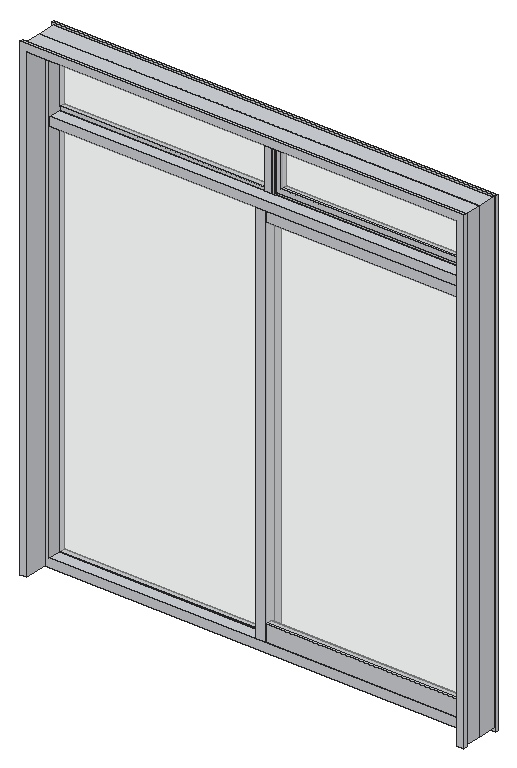
Revit family "APL Residential Thermal Heart Sliding Door SF with Overlight", category Doors, host Wall, Revit 2017 (continued)
Definition of nested family "APL Residential Thermal Heart Sliding Door SF Horizontal Section"
  Definition of nested family "Jamb Stile"
    Definition of nested family "65400_Frame Head"
      Lines and regions (mm)
        detail lines, in view "Ref. Level"
          curve 203: arc (74.145, -11.1, 0) -> (74.718, -11.281, 0) -> (75.084, -11.758, 0) r 1
          curve 204: arc (75.877, -13.937, 0) -> (76.024, -14.128, 0) -> (76.253, -14.2, 0) r 0.4
          curve 205: arc (78.947, -14.2, 0) -> (79.176, -14.128, 0) -> (79.323, -13.937, 0) r 0.4
          curve 206: arc (80.116, -11.758, 0) -> (80.482, -11.281, 0) -> (81.055, -11.1, 0) r 1
          curve 207: arc (81.978, -11.1, 0) -> (82.289, -11.059, 0) -> (82.579, -10.939, 0) r 1.2
          curve 208: arc (84.107, -10.054, 0) -> (84.204, -10.014, 0) -> (84.307, -10, 0) r 0.4
          curve 209: arc (84.6, -10, 0) -> (84.883, -10.117, 0) -> (85, -10.4, 0) r 0.4
          curve 210: arc (85, -13.8, 0) -> (84.883, -14.083, 0) -> (84.6, -14.2, 0) r 0.4
          curve 211: arc (84.307, -14.2, 0) -> (84.204, -14.186, 0) -> (84.107, -14.146, 0) r 0.4
          curve 212: arc (82.579, -13.262, 0) -> (82.285, -13.14, 0) -> (81.97, -13.1, 0) r 1.2
          curve 213: arc (81.97, -13.1, 0) -> (81.795, -13.153, 0) -> (81.684, -13.297, 0) r 0.3
          curve 214: arc (80.796, -15.737, 0) -> (80.649, -15.928, 0) -> (80.42, -16, 0) r 0.4
          curve 215: arc (74.78, -16, 0) -> (74.551, -15.928, 0) -> (74.404, -15.737, 0) r 0.4
          curve 216: arc (73.516, -13.297, 0) -> (73.405, -13.153, 0) -> (73.23, -13.1, 0) r 0.3
          curve 217: arc (73.23, -13.1, 0) -> (72.915, -13.14, 0) -> (72.621, -13.262, 0) r 1.2
          curve 218: arc (71.093, -14.146, 0) -> (70.996, -14.186, 0) -> (70.893, -14.2, 0) r 0.4
          curve 219: arc (70.6, -14.2, 0) -> (70.317, -14.083, 0) -> (70.2, -13.8, 0) r 0.4
          curve 220: line (70.6, -10, 0) -> (70.893, -10, 0)
          curve 221: line (71.093, -10.054, 0) -> (72.621, -10.939, 0)
          curve 222: line (73.222, -11.1, 0) -> (74.145, -11.1, 0)
          curve 223: line (75.084, -11.758, 0) -> (75.877, -13.937, 0)
          curve 224: line (76.253, -14.2, 0) -> (78.947, -14.2, 0)
          curve 225: line (79.323, -13.937, 0) -> (80.116, -11.758, 0)
          curve 226: line (81.055, -11.1, 0) -> (81.978, -11.1, 0)
          curve 227: line (82.579, -10.939, 0) -> (84.107, -10.054, 0)
          curve 228: line (84.307, -10, 0) -> (84.6, -10, 0)
          curve 229: line (85, -10.4, 0) -> (85, -13.8, 0)
          curve 230: line (84.6, -14.2, 0) -> (84.307, -14.2, 0)
          curve 231: line (84.107, -14.146, 0) -> (82.579, -13.262, 0)
          curve 232: line (81.684, -13.297, 0) -> (80.796, -15.737, 0)
          curve 233: line (80.42, -16, 0) -> (74.78, -16, 0)
          curve 234: line (74.404, -15.737, 0) -> (73.516, -13.297, 0)
          curve 235: line (72.621, -13.262, 0) -> (71.093, -14.146, 0)
          curve 236: line (70.893, -14.2, 0) -> (70.6, -14.2, 0)
          curve 237: line (70.2, -13.8, 0) -> (70.2, -10.4, 0)
          curve 238: arc (70.2, -5.6, 0) -> (70.317, -5.883, 0) -> (70.6, -6, 0) r 0.4
          curve 239: arc (70.893, -6, 0) -> (70.996, -5.986, 0) -> (71.093, -5.946, 0) r 0.4
          curve 240: arc (72.621, -5.061, 0) -> (72.911, -4.941, 0) -> (73.222, -4.9, 0) r 1.2
          curve 241: arc (74.145, -4.9, 0) -> (74.718, -4.719, 0) -> (75.084, -4.242, 0) r 1
          curve 242: arc (75.877, -2.063, 0) -> (76.024, -1.872, 0) -> (76.253, -1.8, 0) r 0.4
          curve 243: arc (78.947, -1.8, 0) -> (79.176, -1.872, 0) -> (79.323, -2.063, 0) r 0.4
          curve 244: arc (80.116, -4.242, 0) -> (80.482, -4.719, 0) -> (81.055, -4.9, 0) r 1
          curve 245: arc (81.978, -4.9, 0) -> (82.289, -4.941, 0) -> (82.579, -5.061, 0) r 1.2
          curve 246: arc (84.107, -5.946, 0) -> (84.204, -5.986, 0) -> (84.307, -6, 0) r 0.4
          curve 247: arc (84.6, -6, 0) -> (84.883, -5.883, 0) -> (85, -5.6, 0) r 0.4
          curve 248: arc (85, -2.2, 0) -> (84.883, -1.917, 0) -> (84.6, -1.8, 0) r 0.4
          curve 249: arc (84.307, -1.8, 0) -> (84.204, -1.814, 0) -> (84.107, -1.854, 0) r 0.4
          curve 250: arc (82.579, -2.739, 0) -> (82.285, -2.86, 0) -> (81.97, -2.9, 0) r 1.2
          curve 251: arc (81.97, -2.9, 0) -> (81.795, -2.847, 0) -> (81.684, -2.703, 0) r 0.3
          curve 252: arc (80.796, -0.263, 0) -> (80.649, -0.072, 0) -> (80.42, 0, 0) r 0.4
          curve 253: arc (74.78, 0, 0) -> (74.551, -0.072, 0) -> (74.404, -0.263, 0) r 0.4
          curve 254: arc (73.516, -2.703, 0) -> (73.405, -2.847, 0) -> (73.23, -2.9, 0) r 0.3
          curve 255: arc (73.23, -2.9, 0) -> (72.915, -2.86, 0) -> (72.621, -2.739, 0) r 1.2
          curve 256: arc (71.093, -1.854, 0) -> (70.996, -1.814, 0) -> (70.893, -1.8, 0) r 0.4
          curve 257: arc (70.6, -1.8, 0) -> (70.317, -1.917, 0) -> (70.2, -2.2, 0) r 0.4
          curve 258: line (70.6, -6, 0) -> (70.893, -6, 0)
          curve 259: line (71.093, -5.946, 0) -> (72.621, -5.061, 0)
          curve 260: line (73.222, -4.9, 0) -> (74.145, -4.9, 0)
          curve 261: line (75.084, -4.242, 0) -> (75.877, -2.063, 0)
          curve 262: line (76.253, -1.8, 0) -> (78.947, -1.8, 0)
          curve 263: line (79.323, -2.063, 0) -> (80.116, -4.242, 0)
          curve 264: line (81.055, -4.9, 0) -> (81.978, -4.9, 0)
          curve 265: line (82.579, -5.061, 0) -> (84.107, -5.946, 0)
          curve 266: line (84.307, -6, 0) -> (84.6, -6, 0)
          curve 267: line (85, -5.6, 0) -> (85, -2.2, 0)
          curve 268: line (84.6, -1.8, 0) -> (84.307, -1.8, 0)
          curve 269: line (84.107, -1.854, 0) -> (82.579, -2.739, 0)
          curve 270: line (81.684, -2.703, 0) -> (80.796, -0.263, 0)
          curve 271: line (80.42, 0, 0) -> (74.78, 0, 0)
          curve 272: line (74.404, -0.263, 0) -> (73.516, -2.703, 0)
          curve 273: line (72.621, -2.739, 0) -> (71.093, -1.854, 0)
          curve 274: line (70.893, -1.8, 0) -> (70.6, -1.8, 0)
          curve 275: line (70.2, -2.2, 0) -> (70.2, -5.6, 0)
          curve 276: arc (113.4, -35.877, 0) -> (113.327, -35.95, 0) -> (113.3, -36.05, 0) r 0.2
          curve 277: arc (113.3, -40.25, 0) -> (113.327, -40.35, 0) -> (113.4, -40.423, 0) r 0.2
          curve 278: arc (113.4, -40.423, 0) -> (113.473, -40.496, 0) -> (113.5, -40.596, 0) r 0.2
          curve 279: arc (113.5, -41.8, 0) -> (113.441, -41.941, 0) -> (113.3, -42, 0) r 0.2
          curve 280: arc (111.701, -42, 0) -> (111.559, -41.942, 0) -> (111.5, -41.8, 0) r 0.2
          curve 281: arc (111.5, -40.95, 0) -> (111, -40.451, 0) -> (110.5, -40.95, 0) r 0.5
          curve 282: arc (110.5, -42.5, 0) -> (110.646, -42.854, 0) -> (111, -43, 0) r 0.499
          curve 283: arc (114.5, -43, 0) -> (114.847, -42.847, 0) -> (115, -42.5, 0) r 0.523
          curve 284: arc (115, -21.5, 0) -> (114.856, -21.144, 0) -> (114.5, -21, 0) r 0.493
          curve 285: arc (111.7, -21, 0) -> (111.558, -20.942, 0) -> (111.5, -20.8, 0) r 0.199
          curve 286: arc (111.5, -13.199, 0) -> (110.852, -11.559, 0) -> (109.258, -10.805, 0) r 2.399
          curve 287: arc (109.258, -10.805, 0) -> (108.878, -10.588, 0) -> (108.814, -10.156, 0) r 0.5
          curve 288: arc (108.814, -10.156, 0) -> (109, -8.953, 0) -> (108.816, -7.75, 0) r 4
          curve 289: arc (108.816, -7.75, 0) -> (108.89, -7.304, 0) -> (109.293, -7.1, 0) r 0.5
          curve 290: arc (109.5, -7.1, 0) -> (110.914, -6.514, 0) -> (111.5, -5.1, 0) r 2.001
          curve 291: arc (120.75, -1.5, 0) -> (121.501, -0.747, 0) -> (120.745, 0, 0) r 0.75
          curve 292: arc (111.5, 0, 0) -> (110.439, -0.439, 0) -> (110, -1.5, 0) r 1.5
          curve 293: arc (110, -5, 0) -> (109.941, -5.141, 0) -> (109.8, -5.2, 0) r 0.2
          curve 294: arc (100.5, -5.2, 0) -> (100.146, -5.346, 0) -> (100, -5.7, 0) r 0.5
          curve 295: arc (100, -6.2, 0) -> (100.146, -6.554, 0) -> (100.5, -6.7, 0) r 0.5
          curve 296: arc (101.927, -6.7, 0) -> (102.266, -6.833, 0) -> (102.426, -7.16, 0) r 0.5
          curve 297: arc (102.426, -7.16, 0) -> (102.912, -7.803, 0) -> (103.7, -7.634, 0) r 0.75
          curve 298: arc (103.7, -7.634, 0) -> (105, -7.1, 0) -> (106.3, -7.634, 0) r 1.85
          curve 299: arc (106.3, -7.634, 0) -> (106.442, -7.744, 0) -> (106.607, -7.817, 0) r 0.75
          curve 300: arc (106.607, -7.817, 0) -> (106.791, -7.92, 0) -> (106.916, -8.09, 0) r 0.5
          curve 301: arc (106.916, -8.09, 0) -> (107.1, -8.95, 0) -> (106.916, -9.81, 0) r 2.1
          curve 302: arc (106.916, -9.81, 0) -> (106.791, -9.98, 0) -> (106.607, -10.083, 0) r 0.5
          curve 303: arc (106.607, -10.083, 0) -> (106.442, -10.156, 0) -> (106.3, -10.266, 0) r 0.75
          curve 304: arc (106.3, -10.266, 0) -> (105, -10.8, 0) -> (103.7, -10.266, 0) r 1.85
          curve 305: arc (103.7, -10.266, 0) -> (103.027, -10.064, 0) -> (102.482, -10.509, 0) r 0.75
          curve 306: arc (102.482, -10.509, 0) -> (102.32, -10.716, 0) -> (102.075, -10.812, 0) r 0.5
          curve 307: arc (102.075, -10.812, 0) -> (101.154, -11.14, 0) -> (100.481, -11.85, 0) r 2.1
          curve 308: arc (100.481, -11.85, 0) -> (100.298, -12.033, 0) -> (100.048, -12.1, 0) r 0.5
          curve 309: arc (91.556, -12.1, 0) -> (91.287, -12.022, 0) -> (91.103, -11.812, 0) r 0.5
          curve 310: arc (91.103, -11.812, 0) -> (90.328, -10.929, 0) -> (89.2, -10.6, 0) r 2.1
          curve 311: arc (87.9, -10.6, 0) -> (87.193, -10.307, 0) -> (86.9, -9.6, 0) r 1
          curve 312: arc (86.9, -0.5, 0) -> (86.754, -0.146, 0) -> (86.4, 0, 0) r 0.5
          curve 313: arc (84.083, 0, 0) -> (83.778, -0.199, 0) -> (83.505, 0.043, 0) r 0.3
          curve 314: arc (83.505, 0.043, 0) -> (83.439, 0.181, 0) -> (83.313, 0.268, 0) r 0.3
          curve 315: arc (81.903, 0.782, 0) -> (81.617, 0.738, 0) -> (81.501, 0.474, 0) r 0.3
          curve 316: arc (81.708, -1.892, 0) -> (81.735, -1.992, 0) -> (81.795, -2.078, 0) r 0.3
          curve 317: arc (82.159, -2.441, 0) -> (82.352, -2.493, 0) -> (82.493, -2.352, 0) r 0.2
          curve 318: arc (82.538, -2.184, 0) -> (82.59, -2.095, 0) -> (82.679, -2.043, 0) r 0.2
          curve 319: arc (84.822, -1.51, 0) -> (85.164, -1.657, 0) -> (85.1, -2.024, 0) r 0.3
          curve 320: arc (85.1, -2.024, 0) -> (85.026, -2.125, 0) -> (85, -2.247, 0) r 0.3
          curve 321: arc (85.194, -6.25, 0) -> (85.158, -6.422, 0) -> (85, -6.5, 0) r 0.2
          curve 322: arc (84.479, -6.5, 0) -> (84.398, -6.489, 0) -> (84.323, -6.456, 0) r 0.3
          curve 323: arc (83.069, -5.691, 0) -> (83.063, -5.498, 0) -> (82.92, -5.367, 0) r 0.25
          curve 324: arc (82.92, -5.367, 0) -> (82.65, -5.321, 0) -> (82.5, -5.55, 0) r 0.25
          curve 325: arc (82.5, -7.126, 0) -> (82.582, -7.523, 0) -> (82.815, -7.854, 0) r 1
          curve 326: arc (82.815, -7.854, 0) -> (82.878, -8, 0) -> (82.815, -8.146, 0) r 0.2
          curve 327: arc (82.815, -8.146, 0) -> (82.582, -8.477, 0) -> (82.5, -8.874, 0) r 1
          curve 328: arc (82.5, -10.45, 0) -> (82.628, -10.668, 0) -> (82.88, -10.663, 0) r 0.25
          curve 329: arc (82.966, -10.611, 0) -> (83.072, -10.479, 0) -> (83.069, -10.309, 0) r 0.25
          curve 330: arc (84.323, -9.544, 0) -> (84.398, -9.511, 0) -> (84.479, -9.5, 0) r 0.3
          curve 331: arc (85, -9.5, 0) -> (85.158, -9.577, 0) -> (85.194, -9.75, 0) r 0.2
          curve 332: arc (85, -13.753, 0) -> (85.026, -13.875, 0) -> (85.1, -13.976, 0) r 0.3
          curve 333: arc (85.1, -13.976, 0) -> (85.164, -14.343, 0) -> (84.822, -14.49, 0) r 0.3
          curve 334: arc (82.679, -13.957, 0) -> (82.59, -13.905, 0) -> (82.538, -13.816, 0) r 0.2
          curve 335: arc (82.493, -13.648, 0) -> (82.352, -13.507, 0) -> (82.159, -13.559, 0) r 0.2
          curve 336: arc (81.795, -13.922, 0) -> (81.735, -14.008, 0) -> (81.708, -14.108, 0) r 0.3
          curve 337: arc (81.501, -16.474, 0) -> (81.617, -16.738, 0) -> (81.903, -16.782, 0) r 0.3
          curve 338: arc (83.313, -16.268, 0) -> (83.439, -16.181, 0) -> (83.505, -16.043, 0) r 0.3
          curve 339: arc (83.505, -16.043, 0) -> (83.778, -15.801, 0) -> (84.083, -16, 0) r 0.3
          curve 340: arc (86.7, -16, 0) -> (86.841, -15.941, 0) -> (86.9, -15.8, 0) r 0.2
          curve 341: arc (86.9, -12.7, 0) -> (86.959, -12.559, 0) -> (87.1, -12.5, 0) r 0.2
          curve 342: arc (89.2, -12.5, 0) -> (89.341, -12.559, 0) -> (89.4, -12.7, 0) r 0.2
          curve 343: arc (89.4, -13.8, 0) -> (89.459, -13.941, 0) -> (89.6, -14, 0) r 0.2
          curve 344: arc (101.9, -14, 0) -> (102.042, -13.941, 0) -> (102.1, -13.8, 0) r 0.2
          curve 345: arc (102.1, -12.9, 0) -> (102.159, -12.759, 0) -> (102.3, -12.7, 0) r 0.2
          curve 346: arc (109.1, -12.7, 0) -> (109.454, -12.846, 0) -> (109.6, -13.2, 0) r 0.5
          curve 347: arc (109.6, -14.5, 0) -> (109.541, -14.641, 0) -> (109.4, -14.7, 0) r 0.2
          curve 348: arc (107.3, -14.7, 0) -> (107.159, -14.759, 0) -> (107.1, -14.9, 0) r 0.2
          curve 349: arc (107.1, -15.8, 0) -> (107.159, -15.941, 0) -> (107.3, -16, 0) r 0.2
          curve 350: arc (109.5, -16, 0) -> (109.854, -16.146, 0) -> (110, -16.5, 0) r 0.5
          curve 351: arc (110, -22.8, 0) -> (110.146, -23.154, 0) -> (110.5, -23.3, 0) r 0.5
          curve 352: arc (111.3, -23.3, 0) -> (111.441, -23.241, 0) -> (111.5, -23.1, 0) r 0.2
          curve 353: arc (113.3, -22.3, 0) -> (113.441, -22.359, 0) -> (113.5, -22.5, 0) r 0.2
          curve 354: arc (113.5, -27.4, 0) -> (113.1, -27.8, 0) -> (113.5, -28.2, 0) r 0.4
          curve 355: arc (113.5, -33.1, 0) -> (113.441, -33.241, 0) -> (113.3, -33.3, 0) r 0.2
          curve 356: arc (111.5, -32.7, 0) -> (111.383, -32.417, 0) -> (111.1, -32.3, 0) r 0.4
          curve 357: arc (111, -32.3, 0) -> (110.646, -32.447, 0) -> (110.5, -32.8, 0) r 0.5
          curve 358: arc (110.5, -35.35, 0) -> (111, -35.85, 0) -> (111.5, -35.35, 0) r 0.5
          curve 359: arc (111.5, -34.5, 0) -> (111.559, -34.359, 0) -> (111.7, -34.3, 0) r 0.2
          curve 360: arc (113.3, -34.3, 0) -> (113.441, -34.359, 0) -> (113.5, -34.5, 0) r 0.2
          curve 361: line (113.3, -36.05, 0) -> (113.3, -40.25, 0)
          curve 362: line (113.5, -40.596, 0) -> (113.5, -41.8, 0)
          curve 363: line (113.3, -42, 0) -> (111.701, -42, 0)
          curve 364: line (111.5, -41.8, 0) -> (111.5, -40.95, 0)
          curve 365: line (110.5, -40.95, 0) -> (110.5, -42.5, 0)
          curve 366: line (111, -43, 0) -> (114.5, -43, 0)
          curve 367: line (115, -42.5, 0) -> (115, -21.5, 0)
          curve 368: line (114.5, -21, 0) -> (111.7, -21, 0)
          curve 369: line (111.5, -20.8, 0) -> (111.5, -13.199, 0)
          curve 370: line (109.293, -7.1, 0) -> (109.5, -7.1, 0)
          curve 371: line (111.5, -5.1, 0) -> (111.5, -1.5, 0)
          curve 372: line (111.5, -1.5, 0) -> (120.75, -1.5, 0)
          curve 373: line (120.745, 0, 0) -> (119, 0, 0)
          curve 374: line (119, 0, 0) -> (118.6, -0.4, 0)
          curve 375: line (118.6, -0.4, 0) -> (112.3, -0.4, 0)
          curve 376: line (112.3, -0.4, 0) -> (111.9, 0, 0)
          curve 377: line (111.9, 0, 0) -> (111.5, 0, 0)
          curve 378: line (110, -1.5, 0) -> (110, -5, 0)
          curve 379: line (109.8, -5.2, 0) -> (100.5, -5.2, 0)
          curve 380: line (100, -5.7, 0) -> (100, -6.2, 0)
          curve 381: line (100.5, -6.7, 0) -> (101.927, -6.7, 0)
          curve 382: line (100.048, -12.1, 0) -> (91.556, -12.1, 0)
          curve 383: line (89.2, -10.6, 0) -> (87.9, -10.6, 0)
          curve 384: line (86.9, -9.6, 0) -> (86.9, -0.5, 0)
          curve 385: line (86.4, 0, 0) -> (84.083, 0, 0)
          curve 386: line (83.313, 0.268, 0) -> (81.903, 0.782, 0)
          curve 387: line (81.501, 0.474, 0) -> (81.708, -1.892, 0)
          curve 388: line (81.795, -2.078, 0) -> (82.159, -2.441, 0)
          curve 389: line (82.493, -2.352, 0) -> (82.538, -2.184, 0)
          curve 390: line (82.679, -2.043, 0) -> (84.812, -1.472, 0)
          curve 391: line (85, -2.247, 0) -> (85, -5.475, 0)
          curve 392: line (85, -5.5, 0) -> (85.194, -6.25, 0)
          curve 393: line (85, -6.5, 0) -> (84.479, -6.5, 0)
          curve 394: line (84.323, -6.456, 0) -> (83.069, -5.691, 0)
          curve 395: line (82.5, -5.55, 0) -> (82.5, -7.126, 0)
          curve 396: line (82.5, -8.874, 0) -> (82.5, -10.45, 0)
          curve 397: line (83.069, -10.309, 0) -> (84.323, -9.544, 0)
          curve 398: line (84.479, -9.5, 0) -> (85, -9.5, 0)
          curve 399: line (85.194, -9.75, 0) -> (85, -10.5, 0)
          curve 400: line (85, -10.525, 0) -> (85, -13.752, 0)
          curve 401: line (84.812, -14.528, 0) -> (82.679, -13.957, 0)
          curve 402: line (82.538, -13.816, 0) -> (82.493, -13.648, 0)
          curve 403: line (82.159, -13.559, 0) -> (81.795, -13.922, 0)
          curve 404: line (81.708, -14.108, 0) -> (81.501, -16.474, 0)
          curve 405: line (81.903, -16.782, 0) -> (83.313, -16.268, 0)
          curve 406: line (84.083, -16, 0) -> (86.7, -16, 0)
          curve 407: line (86.9, -15.8, 0) -> (86.9, -12.7, 0)
          curve 408: line (87.1, -12.5, 0) -> (89.2, -12.5, 0)
          curve 409: line (89.4, -12.7, 0) -> (89.4, -13.8, 0)
          curve 410: line (89.6, -14, 0) -> (95.4, -14, 0)
          curve 411: line (95.4, -14, 0) -> (95.8, -13.6, 0)
          curve 412: line (95.8, -13.6, 0) -> (96.2, -14, 0)
          curve 413: line (96.2, -14, 0) -> (101.9, -14, 0)
          curve 414: line (102.1, -13.8, 0) -> (102.1, -12.9, 0)
          curve 415: line (102.3, -12.7, 0) -> (109.1, -12.7, 0)
          curve 416: line (109.6, -13.2, 0) -> (109.6, -14.5, 0)
          curve 417: line (109.4, -14.7, 0) -> (107.3, -14.7, 0)
          curve 418: line (107.1, -14.9, 0) -> (107.1, -15.8, 0)
          curve 419: line (107.3, -16, 0) -> (109.5, -16, 0)
          curve 420: line (110, -16.5, 0) -> (110, -22.8, 0)
          curve 421: line (110.5, -23.3, 0) -> (111.3, -23.3, 0)
          curve 422: line (111.5, -23.1, 0) -> (111.5, -22.3, 0)
          curve 423: line (111.5, -22.3, 0) -> (113.3, -22.3, 0)
          curve 424: line (113.5, -22.5, 0) -> (113.5, -27.4, 0)
          curve 425: line (113.5, -28.2, 0) -> (113.5, -33.1, 0)
          curve 426: line (113.3, -33.3, 0) -> (111.5, -33.3, 0)
          curve 427: line (111.5, -33.3, 0) -> (111.5, -32.7, 0)
          curve 428: line (110.5, -32.8, 0) -> (110.5, -35.35, 0)
          curve 429: line (111.5, -35.35, 0) -> (111.5, -34.5, 0)
          curve 430: line (111.7, -34.3, 0) -> (113.3, -34.3, 0)
          curve 431: line (113.5, -34.5, 0) -> (113.5, -35.704, 0)
          curve 432: arc (113.5, -35.704, 0) -> (113.473, -35.804, 0) -> (113.4, -35.877, 0) r 0.2
          curve 433: arc (12.7, -18.4, 0) -> (12.817, -18.117, 0) -> (13.1, -18, 0) r 0.4
          curve 434: arc (13.393, -18, 0) -> (13.496, -18.014, 0) -> (13.593, -18.054, 0) r 0.4
          curve 435: arc (15.121, -18.939, 0) -> (15.411, -19.059, 0) -> (15.722, -19.1, 0) r 1.2
          curve 436: arc (16.645, -19.1, 0) -> (17.218, -19.281, 0) -> (17.584, -19.758, 0) r 1
          curve 437: arc (18.377, -21.937, 0) -> (18.524, -22.128, 0) -> (18.753, -22.2, 0) r 0.4
          curve 438: arc (21.447, -22.2, 0) -> (21.676, -22.128, 0) -> (21.823, -21.937, 0) r 0.4
          curve 439: arc (22.616, -19.758, 0) -> (22.982, -19.281, 0) -> (23.555, -19.1, 0) r 1
          curve 440: arc (24.478, -19.1, 0) -> (24.789, -19.059, 0) -> (25.079, -18.939, 0) r 1.2
          curve 441: arc (26.607, -18.054, 0) -> (26.704, -18.014, 0) -> (26.807, -18, 0) r 0.4
          curve 442: arc (27.1, -18, 0) -> (27.383, -18.117, 0) -> (27.5, -18.4, 0) r 0.4
          curve 443: arc (27.5, -21.8, 0) -> (27.383, -22.083, 0) -> (27.1, -22.2, 0) r 0.4
          curve 444: arc (26.807, -22.2, 0) -> (26.704, -22.186, 0) -> (26.607, -22.146, 0) r 0.4
          curve 445: arc (25.079, -21.261, 0) -> (24.785, -21.14, 0) -> (24.47, -21.1, 0) r 1.2
          curve 446: arc (24.47, -21.1, 0) -> (24.295, -21.153, 0) -> (24.184, -21.297, 0) r 0.3
          curve 447: arc (23.296, -23.737, 0) -> (23.149, -23.928, 0) -> (22.92, -24, 0) r 0.4
          curve 448: arc (17.28, -24, 0) -> (17.051, -23.928, 0) -> (16.904, -23.737, 0) r 0.4
          curve 449: arc (16.016, -21.297, 0) -> (15.905, -21.153, 0) -> (15.73, -21.1, 0) r 0.3
          curve 450: arc (15.73, -21.1, 0) -> (15.415, -21.14, 0) -> (15.121, -21.261, 0) r 1.2
          curve 451: arc (13.593, -22.146, 0) -> (13.496, -22.186, 0) -> (13.393, -22.2, 0) r 0.4
          curve 452: arc (13.1, -22.2, 0) -> (12.817, -22.083, 0) -> (12.7, -21.8, 0) r 0.4
          curve 453: line (13.1, -18, 0) -> (13.393, -18, 0)
          curve 454: line (13.593, -18.054, 0) -> (15.121, -18.939, 0)
          curve 455: line (15.722, -19.1, 0) -> (16.645, -19.1, 0)
          curve 456: line (17.584, -19.758, 0) -> (18.377, -21.937, 0)
          curve 457: line (18.753, -22.2, 0) -> (21.447, -22.2, 0)
          curve 458: line (21.823, -21.937, 0) -> (22.616, -19.758, 0)
          curve 459: line (23.555, -19.1, 0) -> (24.478, -19.1, 0)
          curve 460: line (25.079, -18.939, 0) -> (26.607, -18.054, 0)
          curve 461: line (26.807, -18, 0) -> (27.1, -18, 0)
          curve 462: line (27.5, -18.4, 0) -> (27.5, -21.8, 0)
          curve 463: line (27.1, -22.2, 0) -> (26.807, -22.2, 0)
          curve 464: line (26.607, -22.146, 0) -> (25.079, -21.261, 0)
          curve 465: line (24.184, -21.297, 0) -> (23.296, -23.737, 0)
          curve 466: line (22.92, -24, 0) -> (17.28, -24, 0)
          curve 467: line (16.904, -23.737, 0) -> (16.016, -21.297, 0)
          curve 468: line (15.121, -21.261, 0) -> (13.593, -22.146, 0)
          curve 469: line (13.393, -22.2, 0) -> (13.1, -22.2, 0)
          curve 470: line (12.7, -21.8, 0) -> (12.7, -18.4, 0)
          curve 471: arc (12.7, -2.2, 0) -> (12.817, -1.917, 0) -> (13.1, -1.8, 0) r 0.4
          curve 472: arc (13.393, -1.8, 0) -> (13.496, -1.814, 0) -> (13.593, -1.854, 0) r 0.4
          curve 473: arc (15.121, -2.739, 0) -> (15.411, -2.859, 0) -> (15.722, -2.9, 0) r 1.2
          curve 474: arc (16.645, -2.9, 0) -> (17.218, -3.081, 0) -> (17.584, -3.558, 0) r 1
          curve 475: arc (18.377, -5.737, 0) -> (18.524, -5.928, 0) -> (18.753, -6, 0) r 0.4
          curve 476: arc (21.447, -6, 0) -> (21.676, -5.928, 0) -> (21.823, -5.737, 0) r 0.4
          curve 477: arc (22.616, -3.558, 0) -> (22.982, -3.081, 0) -> (23.555, -2.9, 0) r 1
          curve 478: arc (24.478, -2.9, 0) -> (24.789, -2.859, 0) -> (25.079, -2.739, 0) r 1.2
          curve 479: arc (26.607, -1.854, 0) -> (26.704, -1.814, 0) -> (26.807, -1.8, 0) r 0.4
          curve 480: arc (27.1, -1.8, 0) -> (27.383, -1.917, 0) -> (27.5, -2.2, 0) r 0.4
          curve 481: arc (27.5, -5.6, 0) -> (27.383, -5.883, 0) -> (27.1, -6, 0) r 0.4
          curve 482: arc (26.807, -6, 0) -> (26.704, -5.986, 0) -> (26.607, -5.946, 0) r 0.4
          curve 483: arc (25.079, -5.061, 0) -> (24.785, -4.94, 0) -> (24.47, -4.9, 0) r 1.2
          curve 484: arc (24.47, -4.9, 0) -> (24.295, -4.953, 0) -> (24.184, -5.097, 0) r 0.3
          curve 485: arc (23.296, -7.537, 0) -> (23.149, -7.728, 0) -> (22.92, -7.8, 0) r 0.4
          curve 486: arc (17.28, -7.8, 0) -> (17.051, -7.728, 0) -> (16.904, -7.537, 0) r 0.4
          curve 487: arc (16.016, -5.097, 0) -> (15.905, -4.953, 0) -> (15.73, -4.9, 0) r 0.3
          curve 488: arc (15.73, -4.9, 0) -> (15.415, -4.94, 0) -> (15.121, -5.061, 0) r 1.2
          curve 489: arc (13.593, -5.946, 0) -> (13.496, -5.986, 0) -> (13.393, -6, 0) r 0.4
          curve 490: arc (13.1, -6, 0) -> (12.817, -5.883, 0) -> (12.7, -5.6, 0) r 0.4
          curve 491: line (13.1, -1.8, 0) -> (13.393, -1.8, 0)
          curve 492: line (13.593, -1.854, 0) -> (15.121, -2.739, 0)
          curve 493: line (15.722, -2.9, 0) -> (16.645, -2.9, 0)
          curve 494: line (17.584, -3.558, 0) -> (18.377, -5.737, 0)
          curve 495: line (18.753, -6, 0) -> (21.447, -6, 0)
          curve 496: line (21.823, -5.737, 0) -> (22.616, -3.558, 0)
          curve 497: line (23.555, -2.9, 0) -> (24.478, -2.9, 0)
          curve 498: line (25.079, -2.739, 0) -> (26.607, -1.854, 0)
          curve 499: line (26.807, -1.8, 0) -> (27.1, -1.8, 0)
          curve 500: line (27.5, -2.2, 0) -> (27.5, -5.6, 0)
          curve 501: line (27.1, -6, 0) -> (26.807, -6, 0)
          curve 502: line (26.607, -5.946, 0) -> (25.079, -5.061, 0)
          curve 503: line (24.184, -5.097, 0) -> (23.296, -7.537, 0)
          curve 504: line (22.92, -7.8, 0) -> (17.28, -7.8, 0)
          curve 505: line (16.904, -7.537, 0) -> (16.016, -5.097, 0)
          curve 506: line (15.121, -5.061, 0) -> (13.593, -5.946, 0)
          curve 507: line (13.393, -6, 0) -> (13.1, -6, 0)
          curve 508: line (12.7, -5.6, 0) -> (12.7, -2.2, 0)
          curve 509: arc (10.8, -6.498, 0) -> (11.356, -7.843, 0) -> (12.7, -8.4, 0) r 1.9
          curve 510: arc (13.1, -8.4, 0) -> (13.241, -8.459, 0) -> (13.3, -8.6, 0) r 0.2
          curve 511: arc (13.3, -15.4, 0) -> (13.241, -15.541, 0) -> (13.1, -15.6, 0) r 0.2
          curve 512: arc (11, -15.6, 0) -> (10.859, -15.659, 0) -> (10.8, -15.8, 0) r 0.2
          curve 513: arc (10.8, -16.283, 0) -> (10.741, -16.425, 0) -> (10.6, -16.483, 0) r 0.2
          curve 514: arc (1.9, -16.483, 0) -> (1.546, -16.337, 0) -> (1.4, -15.983, 0) r 0.5
          curve 515: arc (1.4, -2.245, 0) -> (1.521, -1.631, 0) -> (1.869, -1.111, 0) r 1.6
          curve 516: arc (6.387, 3.407, 0) -> (6.711, 3.624, 0) -> (7.094, 3.7, 0) r 1
          curve 517: arc (9.8, 3.7, 0) -> (10.507, 3.407, 0) -> (10.8, 2.7, 0) r 1
          curve 518: arc (1.665, -23.621, 0) -> (1.729, -23.522, 0) -> (1.725, -23.403, 0) r 0.2
          curve 519: arc (1.725, -23.403, 0) -> (1.621, -23.234, 0) -> (1.453, -23.127, 0) r 0.45
          curve 520: arc (1.453, -23.127, 0) -> (1.357, -23.052, 0) -> (1.322, -22.936, 0) r 0.2
          curve 521: arc (1.379, -18.081, 0) -> (1.438, -17.941, 0) -> (1.579, -17.883, 0) r 0.2
          curve 522: arc (10.6, -17.883, 0) -> (10.741, -17.942, 0) -> (10.8, -18.083, 0) r 0.2
          curve 523: arc (10.8, -22.172, 0) -> (10.773, -22.272, 0) -> (10.7, -22.345, 0) r 0.2
          curve 524: arc (9.6, -22.98, 0) -> (9.38, -23.2, 0) -> (9.3, -23.5, 0) r 0.6
          curve 525: arc (9.3, -23.8, 0) -> (9.359, -23.941, 0) -> (9.5, -24, 0) r 0.2
          curve 526: arc (13.617, -24, 0) -> (13.922, -23.801, 0) -> (14.195, -24.043, 0) r 0.3
          curve 527: arc (14.195, -24.043, 0) -> (14.261, -24.181, 0) -> (14.387, -24.268, 0) r 0.3
          curve 528: arc (15.797, -24.782, 0) -> (16.083, -24.738, 0) -> (16.199, -24.474, 0) r 0.3
          curve 529: arc (15.992, -22.108, 0) -> (15.965, -22.008, 0) -> (15.905, -21.922, 0) r 0.3
          curve 530: arc (15.541, -21.559, 0) -> (15.348, -21.507, 0) -> (15.207, -21.648, 0) r 0.2
          curve 531: arc (15.162, -21.816, 0) -> (15.11, -21.905, 0) -> (15.021, -21.957, 0) r 0.2
          curve 532: arc (12.878, -22.49, 0) -> (12.536, -22.343, 0) -> (12.6, -21.976, 0) r 0.3
          curve 533: arc (12.6, -21.976, 0) -> (12.674, -21.875, 0) -> (12.7, -21.753, 0) r 0.3
          curve 534: arc (12.506, -17.75, 0) -> (12.542, -17.578, 0) -> (12.7, -17.5, 0) r 0.2
          curve 535: arc (13.221, -17.5, 0) -> (13.302, -17.511, 0) -> (13.377, -17.544, 0) r 0.3
          curve 536: arc (14.631, -18.309, 0) -> (14.637, -18.502, 0) -> (14.78, -18.633, 0) r 0.25
          curve 537: arc (14.78, -18.633, 0) -> (15.05, -18.679, 0) -> (15.2, -18.45, 0) r 0.25
          curve 538: arc (15.2, -8.599, 0) -> (15.259, -8.458, 0) -> (15.4, -8.4, 0) r 0.2
          curve 539: arc (16.479, -8.4, 0) -> (16.643, -8.315, 0) -> (16.667, -8.132, 0) r 0.2
          curve 540: arc (15.775, -5.682, 0) -> (15.702, -5.586, 0) -> (15.587, -5.55, 0) r 0.2
          curve 541: arc (15.353, -5.55, 0) -> (15.248, -5.52, 0) -> (15.174, -5.439, 0) r 0.2
          curve 542: arc (15.174, -5.439, 0) -> (14.995, -5.304, 0) -> (14.78, -5.367, 0) r 0.25
          curve 543: arc (14.78, -5.367, 0) -> (14.637, -5.498, 0) -> (14.631, -5.691, 0) r 0.25
          curve 544: arc (13.377, -6.456, 0) -> (13.302, -6.489, 0) -> (13.221, -6.5, 0) r 0.3
          curve 545: arc (12.7, -6.5, 0) -> (12.542, -6.422, 0) -> (12.506, -6.25, 0) r 0.2
          curve 546: arc (12.7, -2.247, 0) -> (12.674, -2.125, 0) -> (12.6, -2.024, 0) r 0.3
          curve 547: arc (12.6, -2.024, 0) -> (12.536, -1.657, 0) -> (12.878, -1.51, 0) r 0.3
          curve 548: arc (15.021, -2.043, 0) -> (15.11, -2.095, 0) -> (15.162, -2.184, 0) r 0.2
          curve 549: arc (15.207, -2.352, 0) -> (15.348, -2.493, 0) -> (15.541, -2.441, 0) r 0.2
          curve 550: arc (15.905, -2.078, 0) -> (15.965, -1.992, 0) -> (15.992, -1.892, 0) r 0.3
          curve 551: arc (16.199, 0.474, 0) -> (16.083, 0.738, 0) -> (15.797, 0.782, 0) r 0.3
          curve 552: arc (14.387, 0.268, 0) -> (14.261, 0.181, 0) -> (14.195, 0.043, 0) r 0.3
          curve 553: arc (14.195, 0.043, 0) -> (13.922, -0.199, 0) -> (13.617, 0, 0) r 0.3
          curve 554: arc (12.6, 0, 0) -> (12.459, 0.059, 0) -> (12.4, 0.2, 0) r 0.2
          curve 555: arc (12.4, 2.696, 0) -> (11.64, 4.537, 0) -> (9.8, 5.3, 0) r 2.6
          curve 556: arc (7.9, 5.3, 0) -> (7.547, 5.446, 0) -> (7.4, 5.8, 0) r 0.5
          curve 557: arc (7.4, 13.402, 0) -> (7.508, 13.581, 0) -> (7.716, 13.566, 0) r 0.2
          curve 558: arc (7.716, 13.566, 0) -> (8.721, 13.692, 0) -> (8.684, 14.705, 0) r 0.75
          curve 559: arc (8.684, 14.705, 0) -> (8.15, 16.005, 0) -> (8.684, 17.305, 0) r 1.85
          curve 560: arc (8.684, 17.305, 0) -> (8.794, 17.447, 0) -> (8.867, 17.612, 0) r 0.75
          curve 561: arc (8.867, 17.612, 0) -> (8.97, 17.796, 0) -> (9.14, 17.921, 0) r 0.5
          curve 562: arc (9.14, 17.921, 0) -> (10, 18.105, 0) -> (10.86, 17.921, 0) r 2.1
          curve 563: arc (10.86, 17.921, 0) -> (11.03, 17.796, 0) -> (11.133, 17.612, 0) r 0.5
          curve 564: arc (11.133, 17.612, 0) -> (11.206, 17.447, 0) -> (11.316, 17.305, 0) r 0.75
          curve 565: arc (11.316, 17.305, 0) -> (11.85, 16.005, 0) -> (11.316, 14.705, 0) r 1.85
          curve 566: arc (11.316, 14.705, 0) -> (11.323, 13.644, 0) -> (12.384, 13.651, 0) r 0.75
          curve 567: arc (12.384, 13.651, 0) -> (13.348, 15.881, 0) -> (12.551, 18.176, 0) r 3.35
          curve 568: arc (12.551, 18.176, 0) -> (12.478, 18.71, 0) -> (12.932, 19, 0) r 0.5
          curve 569: arc (13.15, 19, 0) -> (13.291, 19.059, 0) -> (13.35, 19.2, 0) r 0.2
          curve 570: arc (13.35, 19.5, 0) -> (13.204, 19.854, 0) -> (12.85, 20, 0) r 0.5
          curve 571: arc (7, 20, 0) -> (6.293, 19.707, 0) -> (6, 19, 0) r 1
          curve 572: arc (6, 6.243, 0) -> (5.772, 5.095, 0) -> (5.121, 4.121, 0) r 3
          curve 573: arc (0.879, -0.121, 0) -> (0.228, -1.095, 0) -> (0, -2.243, 0) r 3
          curve 574: arc (0, -23.8, 0) -> (0.059, -23.941, 0) -> (0.2, -24, 0) r 0.2
          curve 575: line (10.8, 2.7, 0) -> (10.8, -6.498, 0)
          curve 576: line (12.7, -8.4, 0) -> (13.1, -8.4, 0)
          curve 577: line (13.3, -8.6, 0) -> (13.3, -15.4, 0)
          curve 578: line (13.1, -15.6, 0) -> (11, -15.6, 0)
          curve 579: line (10.8, -15.8, 0) -> (10.8, -16.283, 0)
          curve 580: line (10.6, -16.483, 0) -> (1.9, -16.483, 0)
          curve 581: line (1.4, -15.983, 0) -> (1.4, -2.245, 0)
          curve 582: line (1.869, -1.111, 0) -> (6.387, 3.407, 0)
          curve 583: line (7.094, 3.7, 0) -> (9.8, 3.7, 0)
          curve 584: line (1.322, -22.936, 0) -> (1.379, -18.081, 0)
          curve 585: line (1.579, -17.883, 0) -> (10.6, -17.883, 0)
          curve 586: line (10.8, -18.083, 0) -> (10.8, -22.172, 0)
          curve 587: line (10.7, -22.345, 0) -> (9.6, -22.98, 0)
          curve 588: line (9.3, -23.5, 0) -> (9.3, -23.8, 0)
          curve 589: line (9.5, -24, 0) -> (13.617, -24, 0)
          curve 590: line (14.387, -24.268, 0) -> (15.797, -24.782, 0)
          curve 591: line (16.199, -24.474, 0) -> (15.992, -22.108, 0)
          curve 592: line (15.905, -21.922, 0) -> (15.541, -21.559, 0)
          curve 593: line (15.207, -21.648, 0) -> (15.162, -21.816, 0)
          curve 594: line (15.021, -21.957, 0) -> (12.888, -22.528, 0)
          curve 595: line (12.7, -21.753, 0) -> (12.7, -18.525, 0)
          curve 596: line (12.7, -18.5, 0) -> (12.506, -17.75, 0)
          curve 597: line (12.7, -17.5, 0) -> (13.221, -17.5, 0)
          curve 598: line (13.377, -17.544, 0) -> (14.631, -18.309, 0)
          curve 599: line (15.2, -18.45, 0) -> (15.2, -16.874, 0)
          curve 600: line (15.2, -16.874, 0) -> (15.2, -8.599, 0)
          curve 601: line (15.4, -8.4, 0) -> (16.479, -8.4, 0)
          curve 602: line (16.667, -8.132, 0) -> (15.775, -5.682, 0)
          curve 603: line (15.587, -5.55, 0) -> (15.353, -5.55, 0)
          curve 604: line (14.631, -5.691, 0) -> (13.377, -6.456, 0)
          curve 605: line (13.221, -6.5, 0) -> (12.7, -6.5, 0)
          curve 606: line (12.506, -6.25, 0) -> (12.7, -5.5, 0)
          curve 607: line (12.7, -5.475, 0) -> (12.7, -2.247, 0)
          curve 608: line (12.888, -1.472, 0) -> (15.021, -2.043, 0)
          curve 609: line (15.162, -2.184, 0) -> (15.207, -2.352, 0)
          curve 610: line (15.541, -2.441, 0) -> (15.905, -2.078, 0)
          curve 611: line (15.992, -1.892, 0) -> (16.199, 0.474, 0)
          curve 612: line (15.797, 0.782, 0) -> (14.387, 0.268, 0)
          curve 613: line (13.617, 0, 0) -> (12.6, 0, 0)
          curve 614: line (12.4, 0.2, 0) -> (12.4, 2.696, 0)
          curve 615: line (9.8, 5.3, 0) -> (7.9, 5.3, 0)
          curve 616: line (7.4, 5.8, 0) -> (7.4, 13.402, 0)
          curve 617: line (12.932, 19, 0) -> (13.15, 19, 0)
          curve 618: line (13.35, 19.2, 0) -> (13.35, 19.5, 0)
          curve 619: line (12.85, 20, 0) -> (7, 20, 0)
          curve 620: line (6, 19, 0) -> (6, 6.243, 0)
          curve 621: line (5.121, 4.121, 0) -> (0.879, -0.121, 0)
          curve 622: line (0, -2.243, 0) -> (0, -23.8, 0)
          curve 623: line (0.2, -24, 0) -> (1.214, -24, 0)
          curve 624: line (1.214, -24, 0) -> (1.665, -23.621, 0)
          curve 625: line (106.85, -41.439, 0) -> (112.6, -39.899, 0)
          curve 626: line (111.139, -40.29, 0) -> (106.85, -40.29, 0)
          curve 627: line (112.6, -39.45, 0) -> (106.85, -39.45, 0)
          curve 628: line (112.6, -38.61, 0) -> (106.85, -38.61, 0)
          curve 629: line (112.6, -37.69, 0) -> (106.85, -37.69, 0)
          curve 630: line (112.6, -36.85, 0) -> (106.85, -36.85, 0)
          curve 631: line (111.139, -36.01, 0) -> (106.85, -36.01, 0)
          curve 632: line (112.6, -36.401, 0) -> (106.85, -34.861, 0)
          curve 633: line (112.85, -41.6, 0) -> (112.85, -34.7, 0)
          curve 634: line (112.6, -34.7, 0) -> (112.6, -41.6, 0)
          curve 635: line (112.6, -41.6, 0) -> (113.1, -41.6, 0)
          curve 636: line (113.1, -41.6, 0) -> (113.1, -34.7, 0)
          curve 637: line (113.1, -34.7, 0) -> (112.6, -34.7, 0)
          curve 651: line (74.15, -41.439, 0) -> (68.4, -39.899, 0)
          curve 652: line (69.861, -40.29, 0) -> (74.15, -40.29, 0)
          curve 653: line (68.4, -39.45, 0) -> (74.15, -39.45, 0)
          curve 654: line (68.4, -38.61, 0) -> (74.15, -38.61, 0)
          curve 655: line (68.4, -37.69, 0) -> (74.15, -37.69, 0)
          curve 656: line (68.4, -36.85, 0) -> (74.15, -36.85, 0)
          curve 657: line (69.861, -36.01, 0) -> (74.15, -36.01, 0)
          curve 658: line (68.4, -36.401, 0) -> (74.15, -34.861, 0)
          curve 659: line (68.15, -41.6, 0) -> (68.15, -34.7, 0)
          curve 660: line (68.4, -34.7, 0) -> (68.4, -41.6, 0)
          curve 661: line (68.4, -41.6, 0) -> (67.9, -41.6, 0)
          curve 662: line (67.9, -41.6, 0) -> (67.9, -34.7, 0)
          curve 663: line (67.9, -34.7, 0) -> (68.4, -34.7, 0)
        detail lines, in view "Ref. Level", not visible
          curve 638: line (101.764, -41.439, 0) -> (107.514, -39.899, 0)
          curve 639: line (106.053, -40.29, 0) -> (101.764, -40.29, 0)
          curve 640: line (107.514, -39.45, 0) -> (101.764, -39.45, 0)
          curve 641: line (107.514, -38.61, 0) -> (101.764, -38.61, 0)
          curve 642: line (107.514, -37.69, 0) -> (101.764, -37.69, 0)
          curve 643: line (107.514, -36.85, 0) -> (101.764, -36.85, 0)
          curve 644: line (106.053, -36.01, 0) -> (101.764, -36.01, 0)
          curve 645: line (107.514, -36.401, 0) -> (101.764, -34.861, 0)
          curve 646: line (107.764, -41.6, 0) -> (107.764, -34.7, 0)
          curve 647: line (107.514, -34.7, 0) -> (107.514, -41.6, 0)
          curve 648: line (107.514, -41.6, 0) -> (108.014, -41.6, 0)
          curve 649: line (108.014, -41.6, 0) -> (108.014, -34.7, 0)
          curve 650: line (108.014, -34.7, 0) -> (107.514, -34.7, 0)
      Text (mm)
        text "65400" at (41.516, 17.579, 0), in view "Ref. Level"
    Definition of nested family "65575_Threshold"
      Reference planes
        plane 1 "Center (Front/Back)": y = 0
        plane 2: z = 0
        plane 3 "Center (Left/Right)": x = 0
      Lines and regions (mm)
        detail lines, in view "Ref. Level"
          curve 1: arc (0.123, 1.385, 0) -> (0.034, 1.312, 0) -> (0, 1.2, 0) r 0.2
          curve 2: arc (0, 0.2, 0) -> (0.059, 0.059, 0) -> (0.2, 0, 0) r 0.2
          curve 3: arc (1.987, -0.473, 0) -> (2.044, -0.588, 0) -> (2.019, -0.715, 0) r 0.2
          curve 4: arc (1.788, -1.112, 0) -> (1.916, -1.591, 0) -> (2.394, -1.463, 0) r 0.35
          curve 5: arc (2.779, -0.797, 0) -> (2.842, -0.484, 0) -> (2.701, -0.197, 0) r 0.497
          curve 6: arc (2.033, 0.47, 0) -> (1.979, 0.65, 0) -> (2.098, 0.796, 0) r 0.2
          curve 7: arc (41.094, 16.949, 0) -> (41.282, 16.93, 0) -> (41.37, 16.764, 0) r 0.2
          curve 8: arc (41.37, 12.481, 0) -> (41.586, 11.578, 0) -> (42.188, 10.869, 0) r 2
          curve 9: arc (42.188, 10.869, 0) -> (43.515, 8.691, 0) -> (42.924, 6.21, 0) r 3.35
          curve 10: arc (42.924, 6.21, 0) -> (43.038, 5.512, 0) -> (43.736, 5.625, 0) r 0.5
          curve 11: arc (43.736, 5.625, 0) -> (44.503, 8.847, 0) -> (42.779, 11.675, 0) r 4.35
          curve 12: arc (42.779, 11.675, 0) -> (42.478, 12.03, 0) -> (42.37, 12.481, 0) r 1
          curve 13: arc (42.37, 18.585, 0) -> (42.282, 18.751, 0) -> (42.094, 18.77, 0) r 0.2
          curve 14: line (0, 1.2, 0) -> (0, 0.2, 0)
          curve 15: line (0.2, 0, 0) -> (1.431, 0, 0)
          curve 16: line (1.573, -0.059, 0) -> (1.987, -0.473, 0)
          curve 17: line (2.019, -0.715, 0) -> (1.788, -1.112, 0)
          curve 18: line (2.394, -1.463, 0) -> (2.779, -0.797, 0)
          curve 19: line (2.701, -0.197, 0) -> (2.033, 0.47, 0)
          curve 20: line (2.098, 0.796, 0) -> (41.094, 16.949, 0)
          curve 21: line (41.37, 16.764, 0) -> (41.37, 12.481, 0)
          curve 22: line (42.37, 12.481, 0) -> (42.37, 18.585, 0)
          curve 23: line (42.094, 18.77, 0) -> (0.123, 1.385, 0)
      Text (mm)
        text "65575" at (6.848, 22.344, 0), in view "Ref. Level"
    Definition of nested family "65520_Lock Stile"
      Reference planes
        plane 1 "Center (Front/Back)": y = 0
        plane 2: z = 0
        plane 3 "Center (Left/Right)": x = 0
      Lines and regions (mm)
        model lines, in view "Ref. Level"
          curve 1: arc (64.617, -36.001, 0) -> (64.992, -35.626, 0) -> (64.617, -35.251, 0) r 0.375
          curve 2: arc (64.242, -32, 0) -> (64.184, -31.859, 0) -> (64.042, -31.8, 0) r 0.2
          curve 3: arc (62.612, -31.8, 0) -> (62.471, -31.859, 0) -> (62.412, -32, 0) r 0.2
          curve 4: arc (62.412, -32.6, 0) -> (62.471, -32.741, 0) -> (62.612, -32.8, 0) r 0.2
          curve 5: arc (62.962, -32.8, 0) -> (63.104, -32.859, 0) -> (63.162, -33, 0) r 0.2
          curve 6: arc (63.162, -33.6, 0) -> (63.104, -33.741, 0) -> (62.962, -33.8, 0) r 0.2
          curve 7: arc (62.612, -33.8, 0) -> (62.471, -33.859, 0) -> (62.412, -34, 0) r 0.2
          curve 8: arc (62.412, -34.301, 0) -> (62.266, -34.655, 0) -> (61.912, -34.801, 0) r 0.5
          curve 9: arc (60.912, -34.801, 0) -> (60.559, -34.655, 0) -> (60.412, -34.301, 0) r 0.5
          curve 10: arc (60.412, -34, 0) -> (60.354, -33.859, 0) -> (60.212, -33.8, 0) r 0.2
          curve 11: arc (59.862, -33.8, 0) -> (59.721, -33.741, 0) -> (59.662, -33.6, 0) r 0.2
          curve 12: arc (59.662, -33, 0) -> (59.721, -32.859, 0) -> (59.862, -32.8, 0) r 0.2
          curve 13: arc (60.212, -32.8, 0) -> (60.354, -32.741, 0) -> (60.412, -32.6, 0) r 0.2
          curve 14: arc (60.412, -32, 0) -> (60.354, -31.859, 0) -> (60.212, -31.8, 0) r 0.2
          curve 15: arc (57.112, -31.8, 0) -> (56.971, -31.859, 0) -> (56.912, -32, 0) r 0.2
          curve 16: arc (56.912, -32.6, 0) -> (56.971, -32.741, 0) -> (57.112, -32.8, 0) r 0.2
          curve 17: arc (57.862, -32.8, 0) -> (58.216, -32.946, 0) -> (58.362, -33.3, 0) r 0.5
          curve 18: arc (58.362, -33.701, 0) -> (58.216, -34.054, 0) -> (57.862, -34.201, 0) r 0.5
          curve 19: arc (45.74, -34.2, 0) -> (45.386, -34.054, 0) -> (45.24, -33.7, 0) r 0.5
          curve 20: arc (45.24, -31.883, 0) -> (45.041, -31.578, 0) -> (45.283, -31.305, 0) r 0.3
          curve 21: arc (45.283, -31.305, 0) -> (45.421, -31.239, 0) -> (45.508, -31.113, 0) r 0.3
          curve 22: arc (46.022, -29.703, 0) -> (45.978, -29.417, 0) -> (45.714, -29.301, 0) r 0.3
          curve 23: arc (43.348, -29.508, 0) -> (43.248, -29.535, 0) -> (43.162, -29.595, 0) r 0.3
          curve 24: arc (42.799, -29.959, 0) -> (42.747, -30.152, 0) -> (42.888, -30.293, 0) r 0.2
          curve 25: arc (43.056, -30.338, 0) -> (43.145, -30.39, 0) -> (43.197, -30.479, 0) r 0.2
          curve 26: arc (43.74, -32.7, 0) -> (43.547, -32.98, 0) -> (43.216, -32.9, 0) r 0.3
          curve 27: arc (43.216, -32.9, 0) -> (43.115, -32.826, 0) -> (42.993, -32.8, 0) r 0.3
          curve 28: arc (38.99, -32.994, 0) -> (38.818, -32.958, 0) -> (38.74, -32.8, 0) r 0.2
          curve 29: arc (38.74, -32.279, 0) -> (38.751, -32.198, 0) -> (38.784, -32.122, 0) r 0.3
          curve 30: arc (39.549, -30.869, 0) -> (39.719, -30.872, 0) -> (39.851, -30.766, 0) r 0.25
          curve 31: arc (39.903, -30.68, 0) -> (39.908, -30.428, 0) -> (39.69, -30.3, 0) r 0.25
          curve 32: arc (37.951, -30.3, 0) -> (37.706, -30.364, 0) -> (37.524, -30.539, 0) r 0.5
          curve 33: arc (36.913, -31.54, 0) -> (36.859, -31.666, 0) -> (36.84, -31.801, 0) r 0.5
          curve 34: arc (36.84, -33.597, 0) -> (36.695, -33.952, 0) -> (36.34, -34.099, 0) r 0.5
          curve 35: arc (8.6, -34.099, 0) -> (8.459, -34.04, 0) -> (8.4, -33.899, 0) r 0.2
          curve 36: arc (8.4, -32.953, 0) -> (8.382, -32.817, 0) -> (8.327, -32.69, 0) r 0.5
          curve 37: arc (7.716, -31.689, 0) -> (7.534, -31.514, 0) -> (7.289, -31.45, 0) r 0.5
          curve 38: arc (5.55, -31.45, 0) -> (5.332, -31.577, 0) -> (5.337, -31.83, 0) r 0.25
          curve 39: arc (5.389, -31.916, 0) -> (5.521, -32.022, 0) -> (5.691, -32.019, 0) r 0.25
          curve 40: arc (6.456, -33.272, 0) -> (6.489, -33.348, 0) -> (6.5, -33.429, 0) r 0.3
          curve 41: arc (6.5, -33.95, 0) -> (6.422, -34.108, 0) -> (6.25, -34.144, 0) r 0.2
          curve 42: arc (2.247, -33.95, 0) -> (2.125, -33.976, 0) -> (2.024, -34.05, 0) r 0.3
          curve 43: arc (2.024, -34.05, 0) -> (1.693, -34.13, 0) -> (1.5, -33.85, 0) r 0.3
          curve 44: arc (2.043, -31.629, 0) -> (2.095, -31.54, 0) -> (2.184, -31.488, 0) r 0.2
          curve 45: arc (2.352, -31.443, 0) -> (2.493, -31.302, 0) -> (2.441, -31.109, 0) r 0.2
          curve 46: arc (2.078, -30.745, 0) -> (1.992, -30.685, 0) -> (1.892, -30.658, 0) r 0.3
          curve 47: arc (-0.474, -30.451, 0) -> (-0.738, -30.567, 0) -> (-0.782, -30.853, 0) r 0.3
          curve 48: arc (-0.268, -32.263, 0) -> (-0.181, -32.389, 0) -> (-0.043, -32.455, 0) r 0.3
          curve 49: arc (-0.043, -32.455, 0) -> (0.199, -32.728, 0) -> (0, -33.033, 0) r 0.3
          curve 50: arc (-3.076, -33.033, 0) -> (-3.524, -33.31, 0) -> (-3.475, -33.834, 0) r 0.5
          curve 51: arc (-3.475, -33.834, 0) -> (-2.783, -34.469, 0) -> (-1.91, -34.817, 0) r 2.6
          curve 52: line (4.258, -36.001, 0) -> (64.617, -36.001, 0)
          curve 53: line (64.617, -35.251, 0) -> (64.242, -35.251, 0)
          curve 54: line (64.242, -35.251, 0) -> (64.242, -32, 0)
          curve 55: line (64.042, -31.8, 0) -> (62.612, -31.8, 0)
          curve 56: line (62.412, -32, 0) -> (62.412, -32.6, 0)
          curve 57: line (62.612, -32.8, 0) -> (62.962, -32.8, 0)
          curve 58: line (63.162, -33, 0) -> (63.162, -33.6, 0)
          curve 59: line (62.962, -33.8, 0) -> (62.612, -33.8, 0)
          curve 60: line (62.412, -34, 0) -> (62.412, -34.301, 0)
          curve 61: line (61.912, -34.801, 0) -> (60.912, -34.801, 0)
          curve 62: line (60.412, -34.301, 0) -> (60.412, -34, 0)
          curve 63: line (60.212, -33.8, 0) -> (59.862, -33.8, 0)
          curve 64: line (59.662, -33.6, 0) -> (59.662, -33, 0)
          curve 65: line (59.862, -32.8, 0) -> (60.212, -32.8, 0)
          curve 66: line (60.412, -32.6, 0) -> (60.412, -32, 0)
          curve 67: line (60.212, -31.8, 0) -> (57.112, -31.8, 0)
          curve 68: line (56.912, -32, 0) -> (56.912, -32.6, 0)
          curve 69: line (57.112, -32.8, 0) -> (57.862, -32.8, 0)
          curve 70: line (58.362, -33.3, 0) -> (58.362, -33.701, 0)
          curve 71: line (57.862, -34.201, 0) -> (45.74, -34.201, 0)
          curve 72: line (45.24, -33.7, 0) -> (45.24, -31.883, 0)
          curve 73: line (45.508, -31.113, 0) -> (46.022, -29.703, 0)
          curve 74: line (45.714, -29.301, 0) -> (43.348, -29.508, 0)
          curve 75: line (43.162, -29.595, 0) -> (42.799, -29.959, 0)
          curve 76: line (42.888, -30.293, 0) -> (43.056, -30.338, 0)
          curve 77: line (43.056, -30.338, 0) -> (43.73, -32.468, 0)
          curve 78: line (43.73, -32.468, 0) -> (43.74, -32.7, 0)
          curve 79: line (42.993, -32.8, 0) -> (39.765, -32.8, 0)
          curve 80: line (39.765, -32.8, 0) -> (38.99, -32.994, 0)
          curve 81: line (38.74, -32.8, 0) -> (38.74, -32.279, 0)
          curve 82: line (38.74, -32.279, 0) -> (39.549, -30.869, 0)
          curve 83: line (39.69, -30.3, 0) -> (37.951, -30.3, 0)
          curve 84: line (37.524, -30.539, 0) -> (36.913, -31.54, 0)
          curve 85: line (36.84, -31.801, 0) -> (36.84, -33.597, 0)
          curve 86: line (36.34, -34.099, 0) -> (8.6, -34.099, 0)
          curve 87: line (8.4, -33.899, 0) -> (8.4, -32.953, 0)
          curve 88: line (8.327, -32.69, 0) -> (7.716, -31.689, 0)
          curve 89: line (7.289, -31.45, 0) -> (5.55, -31.45, 0)
          curve 90: line (5.691, -32.019, 0) -> (6.456, -33.272, 0)
          curve 91: line (6.456, -33.272, 0) -> (6.5, -33.95, 0)
          curve 92: line (6.25, -34.144, 0) -> (5.5, -33.95, 0)
          curve 93: line (5.525, -33.956, 0) -> (2.247, -33.95, 0)
          curve 94: line (1.5, -33.696, 0) -> (2.043, -31.629, 0)
          curve 95: line (2.043, -31.629, 0) -> (2.352, -31.443, 0)
          curve 96: line (2.441, -31.109, 0) -> (2.078, -30.745, 0)
          curve 97: line (1.892, -30.658, 0) -> (-0.474, -30.451, 0)
          curve 98: line (-0.782, -30.853, 0) -> (-0.268, -32.263, 0)
          curve 99: line (0, -33.033, 0) -> (-3.076, -33.033, 0)
          curve 100: line (-1.91, -34.817, 0) -> (3.748, -35.948, 0)
          curve 101: arc (3.748, -35.948, 0) -> (4.002, -35.986, 0) -> (4.258, -36.001, 0) r 2.937
          curve 102: arc (61.061, -2.052, 0) -> (61.027, -1.878, 0) -> (60.868, -1.8, 0) r 0.2
          curve 103: arc (39.24, -1.8, 0) -> (38.887, -1.946, 0) -> (38.74, -2.3, 0) r 0.5
          curve 104: arc (38.74, -15.6, 0) -> (38.884, -15.956, 0) -> (39.24, -16.1, 0) r 0.491
          curve 105: arc (44.74, -16.1, 0) -> (45.093, -16.247, 0) -> (45.24, -16.6, 0) r 0.502
          curve 106: arc (45.24, -18.917, 0) -> (45.041, -19.222, 0) -> (45.283, -19.495, 0) r 0.3
          curve 107: arc (45.283, -19.495, 0) -> (45.421, -19.561, 0) -> (45.508, -19.687, 0) r 0.3
          curve 108: arc (46.022, -21.097, 0) -> (45.978, -21.383, 0) -> (45.714, -21.499, 0) r 0.3
          curve 109: arc (43.348, -21.292, 0) -> (43.248, -21.265, 0) -> (43.162, -21.205, 0) r 0.3
          curve 110: arc (42.799, -20.841, 0) -> (42.747, -20.648, 0) -> (42.888, -20.507, 0) r 0.2
          curve 111: arc (43.056, -20.462, 0) -> (43.145, -20.41, 0) -> (43.197, -20.321, 0) r 0.2
          curve 112: arc (43.74, -18.1, 0) -> (43.547, -17.82, 0) -> (43.216, -17.9, 0) r 0.3
          curve 113: arc (43.216, -17.9, 0) -> (43.115, -17.974, 0) -> (42.993, -18, 0) r 0.3
          curve 114: arc (38.99, -17.806, 0) -> (38.818, -17.842, 0) -> (38.74, -18, 0) r 0.2
          curve 115: arc (38.74, -18.521, 0) -> (38.751, -18.602, 0) -> (38.784, -18.677, 0) r 0.3
          curve 116: arc (39.549, -19.931, 0) -> (39.719, -19.928, 0) -> (39.851, -20.034, 0) r 0.25
          curve 117: arc (39.903, -20.12, 0) -> (39.908, -20.372, 0) -> (39.69, -20.5, 0) r 0.25
          curve 118: arc (37.951, -20.5, 0) -> (37.706, -20.436, 0) -> (37.524, -20.26, 0) r 0.5
          curve 119: arc (36.993, -19.389, 0) -> (36.81, -19.214, 0) -> (36.566, -19.15, 0) r 0.5
          curve 120: arc (8.901, -19.15, 0) -> (8.547, -19.296, 0) -> (8.4, -19.65, 0) r 0.5
          curve 121: arc (8.4, -20.148, 0) -> (8.382, -20.284, 0) -> (8.327, -20.41, 0) r 0.5
          curve 122: arc (7.716, -21.41, 0) -> (7.534, -21.586, 0) -> (7.289, -21.65, 0) r 0.5
          curve 123: arc (5.55, -21.65, 0) -> (5.332, -21.523, 0) -> (5.337, -21.27, 0) r 0.25
          curve 124: arc (5.389, -21.184, 0) -> (5.521, -21.078, 0) -> (5.691, -21.081, 0) r 0.25
          curve 125: arc (6.456, -19.827, 0) -> (6.489, -19.752, 0) -> (6.5, -19.671, 0) r 0.3
          curve 126: arc (6.5, -19.15, 0) -> (6.422, -18.992, 0) -> (6.25, -18.956, 0) r 0.2
          curve 127: arc (2.247, -19.15, 0) -> (2.125, -19.124, 0) -> (2.024, -19.05, 0) r 0.3
          curve 128: arc (2.024, -19.05, 0) -> (1.693, -18.97, 0) -> (1.5, -19.25, 0) r 0.3
          curve 129: arc (2.043, -21.471, 0) -> (2.095, -21.56, 0) -> (2.184, -21.612, 0) r 0.2
          curve 130: arc (2.352, -21.657, 0) -> (2.493, -21.798, 0) -> (2.441, -21.991, 0) r 0.2
          curve 131: arc (2.078, -22.355, 0) -> (1.992, -22.415, 0) -> (1.892, -22.442, 0) r 0.3
          curve 132: arc (-0.474, -22.649, 0) -> (-0.738, -22.533, 0) -> (-0.782, -22.247, 0) r 0.3
          curve 133: arc (-0.268, -20.837, 0) -> (-0.181, -20.711, 0) -> (-0.043, -20.645, 0) r 0.3
          curve 134: arc (-0.043, -20.645, 0) -> (0.199, -20.372, 0) -> (0, -20.067, 0) r 0.3
          curve 135: arc (0, -3.465, 0) -> (-0.147, -3.113, 0) -> (-0.5, -2.965, 0) r 0.503
          curve 136: arc (-3.076, -2.965, 0) -> (-3.524, -2.688, 0) -> (-3.475, -2.164, 0) r 0.5
          curve 137: arc (-3.475, -2.164, 0) -> (-2.783, -1.529, 0) -> (-1.91, -1.181, 0) r 2.6
          curve 138: arc (3.754, -0.049, 0) -> (3.998, -0.012, 0) -> (4.244, 0, 0) r 2.5
          curve 139: arc (64.615, 0, 0) -> (64.99, -0.375, 0) -> (64.615, -0.75, 0) r 0.375
          curve 140: arc (64.245, -1.9, 0) -> (64.186, -2.041, 0) -> (64.045, -2.1, 0) r 0.201
          curve 141: arc (63.202, -3.365, 0) -> (63.156, -3.493, 0) -> (63.037, -3.562, 0) r 0.2
          curve 142: arc (60.853, -3.8, 0) -> (60.694, -3.722, 0) -> (60.66, -3.548, 0) r 0.2
          curve 143: arc (2.401, -17.25, 0) -> (2.047, -17.104, 0) -> (1.9, -16.75, 0) r 0.501
          curve 144: arc (1.9, -2.767, 0) -> (2.013, -2.45, 0) -> (2.302, -2.276, 0) r 0.5
          curve 145: arc (36.438, -1.91, 0) -> (36.727, -2.083, 0) -> (36.84, -2.4, 0) r 0.5
          curve 146: line (60.66, -3.548, 0) -> (61.061, -2.052, 0)
          curve 147: line (60.868, -1.8, 0) -> (39.24, -1.8, 0)
          curve 148: line (38.74, -2.3, 0) -> (38.74, -15.6, 0)
          curve 149: line (39.24, -16.1, 0) -> (44.74, -16.1, 0)
          curve 150: line (45.24, -16.6, 0) -> (45.24, -18.917, 0)
          curve 151: line (45.508, -19.687, 0) -> (46.022, -21.097, 0)
          curve 152: line (45.714, -21.499, 0) -> (43.348, -21.292, 0)
          curve 153: line (43.162, -21.205, 0) -> (42.799, -20.841, 0)
          curve 154: line (42.888, -20.507, 0) -> (43.056, -20.462, 0)
          curve 155: line (43.056, -20.462, 0) -> (43.73, -18.332, 0)
          curve 156: line (43.73, -18.332, 0) -> (43.74, -18.1, 0)
          curve 157: line (42.993, -18, 0) -> (39.765, -18, 0)
          curve 158: line (39.765, -18, 0) -> (38.99, -17.806, 0)
          curve 159: line (38.74, -18, 0) -> (38.74, -18.521, 0)
          curve 160: line (38.74, -18.521, 0) -> (39.549, -19.931, 0)
          curve 161: line (39.69, -20.5, 0) -> (37.951, -20.5, 0)
          curve 162: line (37.524, -20.26, 0) -> (36.993, -19.389, 0)
          curve 163: line (36.566, -19.15, 0) -> (8.901, -19.15, 0)
          curve 164: line (8.4, -19.65, 0) -> (8.4, -20.148, 0)
          curve 165: line (8.327, -20.41, 0) -> (7.716, -21.41, 0)
          curve 166: line (7.289, -21.65, 0) -> (5.55, -21.65, 0)
          curve 167: line (5.691, -21.081, 0) -> (6.456, -19.827, 0)
          curve 168: line (6.456, -19.827, 0) -> (6.5, -19.15, 0)
          curve 169: line (6.25, -18.956, 0) -> (5.5, -19.15, 0)
          curve 170: line (5.525, -19.144, 0) -> (2.247, -19.15, 0)
          curve 171: line (1.5, -19.404, 0) -> (2.043, -21.471, 0)
          curve 172: line (2.043, -21.471, 0) -> (2.352, -21.657, 0)
